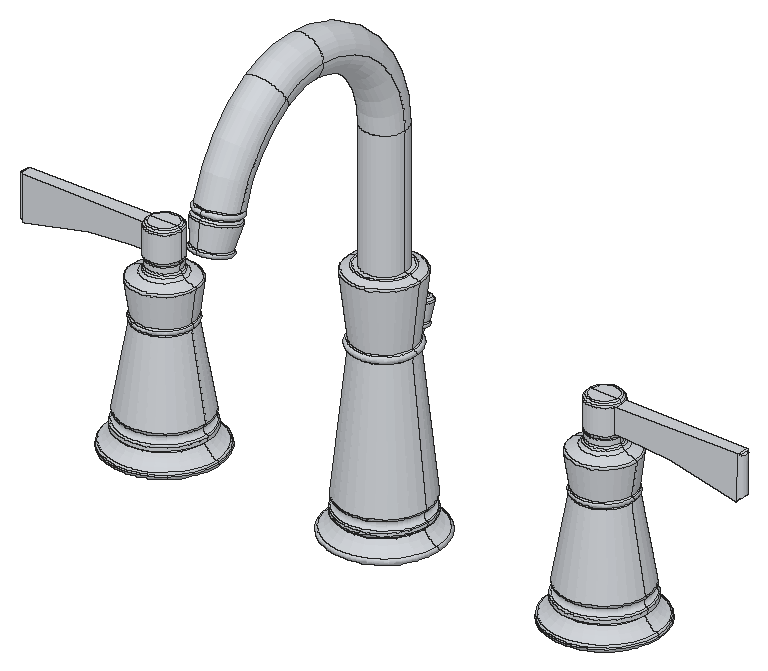
Revit family "Faucet-Lavatory-KOHLER-ARCHER-K-7503X", category Plumbing Fixtures, host Face, Revit 2017
Family settings
  Host = Face
  Round Connector Dimension = Use Diameter
  Part Type = Normal
  OmniClass Number = 23.31.11.00
  OmniClass Title = Faucets
  Cut with Voids When Loaded = No
  Shared = No
  Room Calculation Point = No
Parameters (values of type "CP- Polished chrome")
  Width [instance] = Faucet Hole Spacing  # 8"
  WaterSense Certified = 1 = 0  # no
  Waste Water Outlet = "Waste Water Outlet"  # constant formula
  Waste Connection = 1 = 0  # no
  Vent Connection = 1 = 0  # no
  URL = "https://www.kohler.co.th/"
  Type = 1
  Spout Reach = Length  # 3 15/16"
  Product Page URL = "https://www.kohler.co.th/en/productDetails/7503X-4?skuid=7503X-4-CP"
  Product Name = "ARCHER"  # constant formula
  Product Documentation Link = "http://resources.kohler.com/plumbing/kohlerapac/pdf/x4_170326233327.pdf"
  Pressure = 0.00 psi
  Model = if(Type = 1, "K-7503X-4-CP", "NA")  # "K-7503X-4-CP"
  Material = "Metal construction"  # constant formula
  Master Format 2014 Name = "Residential Faucets, Supplies, and Trim"  # constant formula
  Master Format 2014 = "22 41 39"  # constant formula
  Manufacturer Address = "16th Floor, Jasmine City Building 2, Soi Sukhumvit 23, Sukhumvit Road, Khlong Toei Nuea, Watthana, Bangkok 10110\r\n"  # constant formula
  Manufacturer = "KOHLER Co."  # constant formula
  Length = 3 15/16"  # constant formula
  Hot Water Inlet = "Hot Water Inlet"  # constant formula
  Height = 8 15/16"  # constant formula
  Handle Clearance = 2 75/128"  # constant formula
  HW Connection = 1 = 1  # yes
  Flow Rate = 0 GPM
  Finish = Kohler-Metal-CP-Polished_Chrome
  Faucet Hole Spacing [instance] = 8"
  Environmental Product Declaration = ""
  Drain Included = 1 = 1  # yes
  Description = "Widespread Lavatory Faucet"  # constant formula
  Default Elevation = 36"
  Declare Label = ""
  Date Modified = "09/18/2020"  # constant formula
  Date Created = "09/18/2020"  # constant formula
  Copyright = "Copyright KOHLER Co."  # constant formula
  Contact Us = "https://www.kohler.co.th/contact-us"
  Cold Water Inlet = "Cold Water Inlet"  # constant formula
  CW Connection = 1 = 1  # yes
  Assembly Code = "D2010"
  ADA Compliant = 1 = 0  # no
Reference planes (in)
  plane 1 "Center (Front/Back)": y = 0
  plane 2: z = 0
  plane 3 "Center (Left/Right)": x = 0
  plane 4: x = -4
  plane 5: x = 4
  plane 6: y = 0.98425
  plane 7: y = -0.98425
  plane 8: x = -4.98425
  plane 9: x = -3.01575
  plane 10: x = -6.58594
  plane 11: x = 4.98425
  plane 12: x = 3.01575
  plane 13: x = 6.58594
  plane 14: z = 3.66142
  plane 15: x = -0.98425
  plane 16: x = 0.98425
  plane 17: z = 8.9375
  plane 18: y = -3.9375
  plane 19: through (0, -4.32364, 4.85812) normal (0, 0.9659, -0.2588)
  plane 20: z = 6.29921
  plane 21: through (0, 0.42103, 0) normal (0, 0.9925, -0.1219)
Dimensions and locks (in)
  equal spacing: plane 4, plane 3 "Center (Left/Right)", plane 5
  "Faucet Hole Spacing": plane 4 to plane 5
  equal spacing: plane 8, plane 4, plane 9, locked at 0.98425 each
  locked: plane 8 to plane 9 at 1.9685
  "Handle Clearance": plane 10 to plane 4
  equal spacing: plane 12, plane 5, plane 11, locked at 0.98425 each
  locked: plane 12 to plane 11 at 1.9685
  "Handle Clearance": plane 5 to plane 13
  locked: plane 7 to plane 6 at 1.9685
  equal spacing: plane 7, plane 1 "Center (Front/Back)", plane 6
  plane 14 to level = 3.66142"
  equal spacing: plane 15, plane 3 "Center (Left/Right)", plane 16, locked at 0.98425 each
  locked: plane 15 to plane 16 at 1.9685
  "Height": level to plane 17
  locked: level to plane 20 at 6.29921
  "Length": plane 1 "Center (Front/Back)" to plane 18
  angle plane 18 to plane 19 = 15.00°
  aligned and locked: plane 2 to host face
  aligned and locked: level to host face
  aligned and locked: plane 1 "Center (Front/Back)" to nested 1
  aligned and locked: plane 3 "Center (Left/Right)" to nested 1
  aligned and locked: plane 4 to nested 2
  aligned and locked: plane 1 "Center (Front/Back)" to nested 2
  aligned and locked: plane 6 to nested 2
  aligned and locked: plane 7 to nested 2
  aligned and locked: plane 7 to nested 3
  aligned and locked: plane 5 to nested 3
  aligned and locked: plane 8 to nested 2
  aligned and locked: nested 2 to plane 9
  aligned and locked: plane 10 to nested 2
  aligned and locked: plane 12 to nested 3
  aligned and locked: plane 11 to nested 3
  aligned and locked: plane 13 to nested 3
  aligned and locked: plane 14 to nested 2
  aligned and locked: plane 15 to nested 1
  aligned and locked: plane 16 to nested 1
  aligned and locked: plane 17 to nested 1
  aligned and locked: plane 18 to nested 1
  aligned and locked: plane 19 to nested 1
  aligned and locked: plane 20 to nested 1
  aligned and locked: plane 21 to nested 1
Automatic sketch dimensions
  host sketch curve to host sketch curve = 96"  (x2)
Nested families (in)
  nested 1: "K-7503X_Spout" at (0, -0.00049, 0.00049), type "K-7503X_Spout"
  nested 2: "K-7503X_Handle" at (-4, 0, 0), type "K-7503X_Handle"
  nested 3: "K-7503X_Handle" at (4, 0, 0) x (-1, 0, 0) z (0, 0, 1), type "K-7503X_Handle"
Connectors (in)
  piping at (-4, 0, 0), diameter 0.5, driven by "Flow Rate", driven by "HW Connection", driven by "Hot Water Inlet"
    settings: on nested 2, index 1, connector inside diameter 24", connector length 0", flow factor 0, pipe flow 0 GPM, pressure drop 0.00 psi, fitting loss kfactor 0, connector angle 0.00°, fixture units 0, engagement length 0", angle of deflection 0.00°, flow configuration 0, flow direction 1, fitting loss method 0, system type 19, joint type 0, gender type 0, connector reference index -1, connector utility 1, adjustable connector no, is connector primary yes, connector description "Hot Water Inlet"
  piping at (4, 0, 0), diameter 0.5, driven by "Flow Rate", driven by "CW Connection", driven by "Cold Water Inlet"
    settings: on nested 3, index 2, connector inside diameter 24", connector length 0", flow factor 0, pipe flow 0 GPM, pressure drop 0.00 psi, fitting loss kfactor 0, connector angle 0.00°, fixture units 0, engagement length 0", angle of deflection 0.00°, flow configuration 0, flow direction 1, fitting loss method 0, system type 20, joint type 0, gender type 0, connector reference index -1, connector utility 1, adjustable connector no, is connector primary no, connector description "Cold Water Inlet"
Definition of nested family "K-7503X_Spout"
  Parameters (values of type "K-7503X_Spout")
    Material = none
  Reference planes (in)
    plane 1 "Center (Front/Back)": y = 0
    plane 2: z = 0
    plane 3 "Center (Left/Right)": x = 0
    plane 4: y = 0.98425
    plane 5: x = -0.98425
    plane 6: x = 0.98425
    plane 7: y = -0.98425
    plane 8: z = 8.93701
    plane 9: y = -3.93701
    plane 10: z = 6.29921
    plane 11: through (0, -3.93701, 6.29921) normal (0, -0.9659, 0.2588)
    plane 12: through (0, 0.8447, 3.45056) normal (0, -0.9925, 0.1219)
  Forms (in)
    Revolve 1, solid, material <- "Material", detail levels medium+fine
      sketch origin (0, 0, 0) x (1, 0, 0) y (0, 0, 1)
        loop
          line (0, 0) -> (0.93332, 0)
          arc (0.93332, 0) -> (0.98318, 0.04047) -> (0.95384, 0.09759) r 0.05095
          arc (0.95384, 0.09759) -> (0.82599, 0.17919) -> (0.7288, 0.29563) r 0.49572
          arc (0.7288, 0.29563) -> (0.71773, 0.3064) -> (0.7028, 0.31033) r 0.03036
          line (0.7028, 0.31033) -> (0.66176, 0.31033)
          arc (0.66176, 0.31033) -> (0.64643, 0.31338) -> (0.63343, 0.32206) r 0.04006
          line (0.63343, 0.32206) -> (0.60612, 0.34937) -> (0.77034, 0.34937)
          arc (0.77034, 0.34937) -> (0.78424, 0.35513) -> (0.79, 0.36902) r 0.01965
          line (0.79, 0.36902) -> (0.79, 0.42056)
          arc (0.79, 0.42056) -> (0.78557, 0.43528) -> (0.77377, 0.44513) r 0.0267
          arc (0.77377, 0.44513) -> (0.71965, 0.52127) -> (0.76294, 0.60404) r 0.08937
          arc (0.76294, 0.60404) -> (0.77349, 0.61542) -> (0.77626, 0.63068) r 0.02767
          line (0.77626, 0.63068) -> (0.5244, 3.02697)
          arc (0.5244, 3.02697) -> (0.52847, 3.04158) -> (0.54143, 3.04946) r 0.02063
          arc (0.54143, 3.04946) -> (0.58375, 3.10026) -> (0.54022, 3.15003) r 0.05092
          arc (0.54022, 3.15003) -> (0.52711, 3.15771) -> (0.52304, 3.17235) r 0.02025
          line (0.52304, 3.17235) -> (0.64778, 4.26881)
          arc (0.64778, 4.26881) -> (0.64441, 4.28464) -> (0.6322, 4.29525) r 0.0255
          line (0.6322, 4.29525) -> (0.49079, 4.35384)
          arc (0.49079, 4.35384) -> (0.47471, 4.35872) -> (0.45799, 4.36037) r 0.08568
          line (0.45799, 4.36037) -> (0, 4.36037) -> (0, 0)
        axis (0, 4.36037) -> (0, 0)
      angle from 0 to 360
    Sweep 2, solid, material <- "Material"
      path origin (0, 0, 0) x (0, 1, 0) y (0, 0, 1)
        loop
          line (0.375, 4.36037) -> (0.375, 6.65789)
          arc (0.375, 6.65789) -> (-0.27467, 8.25163) -> (-1.85339, 8.93701) r 2.2797
          arc (-1.85339, 8.93701) -> (-2.3821, 8.87567) -> (-2.87409, 8.67258) r 1.93463
          arc (-2.87409, 8.67258) -> (-3.6454, 7.98743) -> (-4.09492, 7.05885) r 2.6378
      profile origin (0, 0.375, 5.50913) x (0, -1, 0) y (1, 0, 0)
        loop
          circle (0.375, 0) r 0.375
    Revolve 3, solid, material <- "Material", detail levels medium+fine
      sketch origin (0, 0, 0) x (0, 1, 0) y (0, 0, 1)
        loop
          line (-3.93701, 6.29921) -> (-3.75392, 6.98251) -> (-4.06355, 7.06547) -> (-4.07465, 7.02403) -> (-4.11701, 7.03538)
          arc (-4.11701, 7.03538) -> (-4.15966, 7.01321) -> (-4.14034, 6.9692) r 0.03516
          arc (-4.14034, 6.9692) -> (-4.12893, 6.95439) -> (-4.13557, 6.93691) r 0.01916
          line (-4.13557, 6.93691) -> (-4.1769, 6.90223)
          arc (-4.1769, 6.90223) -> (-4.18664, 6.89009) -> (-4.191, 6.87515) r 0.03989
          line (-4.191, 6.87515) -> (-4.22695, 6.46418)
          arc (-4.22695, 6.46418) -> (-4.23311, 6.44845) -> (-4.24681, 6.43855) r 0.02997
          arc (-4.24681, 6.43855) -> (-4.26666, 6.40926) -> (-4.24457, 6.38162) r 0.02982
          line (-4.24457, 6.38162) -> (-3.93701, 6.29921)
        axis (-3.93701, 6.29921) -> (-3.75392, 6.98251)
      angle from 0 to 360
    Revolve 4, solid, material <- "Material", detail levels medium+fine
      sketch origin (0, 0, 0) x (0, 1, 0) y (0, 0, 1)
        loop
          line (0.85056, 3.49822) -> (0.73119, 3.51287)
          arc (0.73119, 3.51287) -> (0.71566, 3.51172) -> (0.70177, 3.50471) r 0.03989
          line (0.70177, 3.50471) -> (0.66128, 3.47308)
          arc (0.66128, 3.47308) -> (0.65184, 3.46111) -> (0.64898, 3.44612) r 0.03213
          line (0.64898, 3.44612) -> (0.66466, 3.14021)
          arc (0.66466, 3.14021) -> (0.66178, 3.12382) -> (0.65205, 3.11033) r 0.03723
          arc (0.65205, 3.11033) -> (0.64125, 3.07213) -> (0.67169, 3.04665) r 0.03651
          line (0.67169, 3.04665) -> (0.72479, 3.04013) -> (0.51433, 1.32606) -> (0.58282, 1.31765) -> (0.85056, 3.49822)
        axis (0.85056, 3.49822) -> (0.58282, 1.31765)
      angle from 0 to 360
    Revolve 5, solid, material <- "Material", detail levels coarse
      sketch origin (0, 0, 0) x (0, 1, 0) y (0, 0, 1)
        loop
          line (0, 4.36037) -> (-0.64418, 4.36037) -> (-0.64418, 0.31438) -> (-0.98425, 0.31438) -> (-0.98425, 0) -> (-0.7874, 0) -> (0, 0) -> (0, 4.36037)
        axis (0, 4.36037) -> (0, 0)
      angle from 0 to 360
    Revolve 6, solid, material <- "Material", detail levels coarse
      sketch origin (0, 0, 0) x (0, 1, 0) y (0, 0, 1)
        loop
          line (0.85056, 3.49822) -> (0.65827, 3.52183) -> (0.60099, 3.05533) -> (0.70882, 3.04209) -> (0.4658, 1.06279) -> (0.55025, 1.05242) -> (0.85056, 3.49822)
        axis (0.85056, 3.49822) -> (0.55025, 1.05242)
      angle from 0 to 360
    Revolve 7, solid, material <- "Material", detail levels coarse
      sketch origin (0, 0, 0) x (0, 1, 0) y (0, 0, 1)
        loop
          line (-3.93701, 6.29921) -> (-3.75697, 6.97111) -> (-4.14395, 7.07158) -> (-4.32318, 6.40269) -> (-3.93701, 6.29921)
        axis (-3.75697, 6.97111) -> (-3.93701, 6.29921)
      angle from 0 to 360
  Cuts and joins
    joined: Revolve 1, Revolve 3, Revolve 4
    joined: Revolve 5, Revolve 6, Revolve 7
  Lines and regions (in)
    Masking region 1
      outline origin (0, 0, 0) x (1, 0, 0) y (0, 1, 0)
        loop
          arc (-0.1417, 0.974) -> (-0.97679, 0.12096) -> (-0.375, -0.91001) r 0.98425
          line (-0.375, -0.91001) -> (-0.375, -3.64046)
          arc (-0.375, -3.64046) -> (-0.39711, -3.72809) -> (-0.39725, -3.81847) r 0.36899
          arc (-0.39725, -3.81847) -> (-0.39194, -3.85593) -> (-0.38519, -3.89315) r 0.9716
          arc (-0.38519, -3.89315) -> (-0.37782, -3.921) -> (-0.36721, -3.94777) r 0.24267
          arc (-0.36721, -3.94777) -> (-0.35374, -3.97565) -> (-0.33952, -4.00316) r 1.14373
          arc (-0.33952, -4.00316) -> (-0.21571, -4.19413) -> (0, -4.26668) r 0.34554
          arc (0, -4.26668) -> (0.21571, -4.19413) -> (0.33952, -4.00316) r 0.34554
          arc (0.33952, -4.00316) -> (0.35374, -3.97565) -> (0.36721, -3.94777) r 1.14373
          arc (0.36721, -3.94777) -> (0.37782, -3.921) -> (0.38519, -3.89315) r 0.24267
          arc (0.38519, -3.89315) -> (0.39194, -3.85593) -> (0.39725, -3.81847) r 0.9716
          arc (0.39725, -3.81847) -> (0.39711, -3.72809) -> (0.375, -3.64046) r 0.36899
          line (0.375, -3.64046) -> (0.375, -0.91001)
          arc (0.375, -0.91001) -> (0.97679, 0.12096) -> (0.1417, 0.974) r 0.98425
          arc (0.1417, 0.974) -> (0, 1.0355) -> (-0.1417, 0.974) r 0.19398
    Masking region 2
      outline origin (0, 0, 0) x (1, 0, 0) y (0, 0, 1)
        loop
          line (0, 0) -> (0.93332, 0)
          arc (0.93332, 0) -> (0.98318, 0.04047) -> (0.95384, 0.09759) r 0.05095
          arc (0.95384, 0.09759) -> (0.82599, 0.17919) -> (0.7288, 0.29563) r 0.49572
          arc (0.7288, 0.29563) -> (0.71773, 0.3064) -> (0.7028, 0.31033) r 0.03036
          line (0.7028, 0.31033) -> (0.66176, 0.31033)
          arc (0.66176, 0.31033) -> (0.64643, 0.31338) -> (0.63343, 0.32206) r 0.04006
          line (0.63343, 0.32206) -> (0.60612, 0.34937) -> (0.77034, 0.34937)
          arc (0.77034, 0.34937) -> (0.78424, 0.35513) -> (0.79, 0.36902) r 0.01965
          line (0.79, 0.36902) -> (0.79, 0.42056)
          arc (0.79, 0.42056) -> (0.78557, 0.43528) -> (0.77377, 0.44513) r 0.0267
          arc (0.77377, 0.44513) -> (0.71965, 0.52127) -> (0.76294, 0.60404) r 0.08937
          arc (0.76294, 0.60404) -> (0.77349, 0.61542) -> (0.77626, 0.63068) r 0.02767
          line (0.77626, 0.63068) -> (0.5244, 3.02697)
          arc (0.5244, 3.02697) -> (0.52847, 3.04158) -> (0.54143, 3.04946) r 0.02063
          arc (0.54143, 3.04946) -> (0.58375, 3.10026) -> (0.54022, 3.15003) r 0.05092
          arc (0.54022, 3.15003) -> (0.52711, 3.15771) -> (0.52304, 3.17235) r 0.02025
          line (0.52304, 3.17235) -> (0.64778, 4.26881)
          arc (0.64778, 4.26881) -> (0.64441, 4.28464) -> (0.6322, 4.29525) r 0.0255
          line (0.6322, 4.29525) -> (0.49079, 4.35384)
          arc (0.49079, 4.35384) -> (0.47471, 4.35872) -> (0.45799, 4.36037) r 0.08568
          line (0.45799, 4.36037) -> (0.375, 4.36037) -> (0.375, 6.66434) -> (0.39396, 6.76825)
          arc (0.39396, 6.76825) -> (0.39163, 6.80071) -> (0.375, 6.8287) r 0.07071
          line (0.375, 6.8287) -> (0.375, 6.86167)
          arc (0.375, 6.86167) -> (0.39, 6.87477) -> (0.39833, 6.89285) r 0.04765
          arc (0.39833, 6.89285) -> (0.39614, 6.9289) -> (0.375, 6.95819) r 0.06485
          line (0.375, 6.95819) -> (0.375, 8.56201)
          arc (0.375, 8.56201) -> (0, 8.93701) -> (-0.375, 8.56201) r 0.375
          line (-0.375, 8.56201) -> (-0.375, 6.95819)
          arc (-0.375, 6.95819) -> (-0.39614, 6.9289) -> (-0.39833, 6.89285) r 0.06485
          arc (-0.39833, 6.89285) -> (-0.39, 6.87477) -> (-0.375, 6.86167) r 0.04765
          line (-0.375, 6.86167) -> (-0.375, 6.8287)
          arc (-0.375, 6.8287) -> (-0.39163, 6.80071) -> (-0.39396, 6.76825) r 0.07071
          line (-0.39396, 6.76825) -> (-0.375, 6.66434) -> (-0.375, 4.36037) -> (-0.45799, 4.36037)
          arc (-0.45799, 4.36037) -> (-0.47471, 4.35872) -> (-0.49079, 4.35384) r 0.08568
          line (-0.49079, 4.35384) -> (-0.6322, 4.29525)
          arc (-0.6322, 4.29525) -> (-0.64441, 4.28464) -> (-0.64778, 4.26881) r 0.0255
          line (-0.64778, 4.26881) -> (-0.52304, 3.17235)
          arc (-0.52304, 3.17235) -> (-0.52711, 3.15771) -> (-0.54022, 3.15003) r 0.02025
          arc (-0.54022, 3.15003) -> (-0.58375, 3.10026) -> (-0.54143, 3.04946) r 0.05092
          arc (-0.54143, 3.04946) -> (-0.52847, 3.04158) -> (-0.5244, 3.02697) r 0.02063
          line (-0.5244, 3.02697) -> (-0.77626, 0.63068)
          arc (-0.77626, 0.63068) -> (-0.77349, 0.61542) -> (-0.76294, 0.60404) r 0.02767
          arc (-0.76294, 0.60404) -> (-0.71965, 0.52127) -> (-0.77377, 0.44513) r 0.08937
          arc (-0.77377, 0.44513) -> (-0.78557, 0.43528) -> (-0.79, 0.42056) r 0.0267
          line (-0.79, 0.42056) -> (-0.79, 0.36902)
          arc (-0.79, 0.36902) -> (-0.78424, 0.35513) -> (-0.77034, 0.34937) r 0.01965
          line (-0.77034, 0.34937) -> (-0.60612, 0.34937) -> (-0.63343, 0.32206)
          arc (-0.63343, 0.32206) -> (-0.64643, 0.31338) -> (-0.66176, 0.31033) r 0.04006
          line (-0.66176, 0.31033) -> (-0.7028, 0.31033)
          arc (-0.7028, 0.31033) -> (-0.71773, 0.3064) -> (-0.7288, 0.29563) r 0.03036
          arc (-0.7288, 0.29563) -> (-0.82599, 0.17919) -> (-0.95384, 0.09759) r 0.49572
          arc (-0.95384, 0.09759) -> (-0.98318, 0.04047) -> (-0.93332, 0) r 0.05095
          line (-0.93332, 0) -> (0, 0)
    Masking region 3
      outline origin (0, 0, 0) x (0, 1, 0) y (0, 0, 1)
        loop
          line (0, 0) -> (0.93332, 0)
          arc (0.93332, 0) -> (0.98318, 0.04047) -> (0.95384, 0.09759) r 0.05095
          arc (0.95384, 0.09759) -> (0.82599, 0.17919) -> (0.7288, 0.29563) r 0.49572
          arc (0.7288, 0.29563) -> (0.71773, 0.3064) -> (0.7028, 0.31033) r 0.03036
          line (0.7028, 0.31033) -> (0.66176, 0.31033)
          arc (0.66176, 0.31033) -> (0.64643, 0.31338) -> (0.63343, 0.32206) r 0.04006
          line (0.63343, 0.32206) -> (0.60612, 0.34937) -> (0.77034, 0.34937)
          arc (0.77034, 0.34937) -> (0.78424, 0.35513) -> (0.79, 0.36902) r 0.01965
          line (0.79, 0.36902) -> (0.79, 0.42056)
          arc (0.79, 0.42056) -> (0.78557, 0.43528) -> (0.77377, 0.44513) r 0.0267
          arc (0.77377, 0.44513) -> (0.71965, 0.52127) -> (0.76294, 0.60404) r 0.08937
          arc (0.76294, 0.60404) -> (0.77349, 0.61542) -> (0.77626, 0.63068) r 0.02767
          line (0.77626, 0.63068) -> (0.6802, 1.54461) -> (0.86176, 3.02331) -> (0.91486, 3.01679)
          arc (0.91486, 3.01679) -> (0.95057, 3.03415) -> (0.94933, 3.07383) r 0.03651
          arc (0.94933, 3.07383) -> (0.94315, 3.08927) -> (0.94432, 3.10587) r 0.03723
          line (0.94432, 3.10587) -> (1.03354, 3.3989)
          arc (1.03354, 3.3989) -> (1.0344, 3.41413) -> (1.02813, 3.42804) r 0.03213
          line (1.02813, 3.42804) -> (0.9965, 3.46853)
          arc (0.9965, 3.46853) -> (0.98471, 3.47868) -> (0.96993, 3.48356) r 0.03989
          line (0.96993, 3.48356) -> (0.85056, 3.49822) -> (0.73119, 3.51287)
          arc (0.73119, 3.51287) -> (0.71566, 3.51172) -> (0.70177, 3.50471) r 0.03989
          line (0.70177, 3.50471) -> (0.66128, 3.47308)
          arc (0.66128, 3.47308) -> (0.65184, 3.46111) -> (0.64898, 3.44612) r 0.03213
          line (0.64898, 3.44612) -> (0.66466, 3.14021)
          arc (0.66466, 3.14021) -> (0.66178, 3.12382) -> (0.65205, 3.11033) r 0.03723
          arc (0.65205, 3.11033) -> (0.64125, 3.07213) -> (0.67169, 3.04665) r 0.03651
          line (0.67169, 3.04665) -> (0.72479, 3.04013) -> (0.61608, 2.15471) -> (0.5244, 3.02697)
          arc (0.5244, 3.02697) -> (0.52847, 3.04158) -> (0.54143, 3.04946) r 0.02063
          arc (0.54143, 3.04946) -> (0.58375, 3.10026) -> (0.54022, 3.15003) r 0.05092
          arc (0.54022, 3.15003) -> (0.52711, 3.15771) -> (0.52304, 3.17235) r 0.02025
          line (0.52304, 3.17235) -> (0.64778, 4.26881)
          arc (0.64778, 4.26881) -> (0.64441, 4.28464) -> (0.6322, 4.29525) r 0.0255
          line (0.6322, 4.29525) -> (0.49079, 4.35384)
          arc (0.49079, 4.35384) -> (0.47471, 4.35872) -> (0.45799, 4.36037) r 0.08568
          line (0.45799, 4.36037) -> (0.375, 4.36037) -> (0.375, 6.65789)
          arc (0.375, 6.65789) -> (-0.27467, 8.25163) -> (-1.85339, 8.93701) r 2.2797
          arc (-1.85339, 8.93701) -> (-2.3821, 8.87567) -> (-2.87409, 8.67258) r 1.93463
          arc (-2.87409, 8.67258) -> (-3.6454, 7.98743) -> (-4.09492, 7.05885) r 2.6378
          line (-4.09492, 7.05885) -> (-4.05119, 7.04749) -> (-4.07465, 7.02403) -> (-4.11701, 7.03538)
          arc (-4.11701, 7.03538) -> (-4.15966, 7.01321) -> (-4.14034, 6.9692) r 0.03516
          arc (-4.14034, 6.9692) -> (-4.12893, 6.95439) -> (-4.13557, 6.93691) r 0.01916
          line (-4.13557, 6.93691) -> (-4.1769, 6.90223)
          arc (-4.1769, 6.90223) -> (-4.18664, 6.89009) -> (-4.191, 6.87515) r 0.03989
          line (-4.191, 6.87515) -> (-4.22695, 6.46418)
          arc (-4.22695, 6.46418) -> (-4.23311, 6.44845) -> (-4.24681, 6.43855) r 0.02997
          arc (-4.24681, 6.43855) -> (-4.26666, 6.40926) -> (-4.24457, 6.38162) r 0.02982
          line (-4.24457, 6.38162) -> (-3.93701, 6.29921) -> (-3.62944, 6.2168)
          arc (-3.62944, 6.2168) -> (-3.5965, 6.2297) -> (-3.59905, 6.26498) r 0.02982
          arc (-3.59905, 6.26498) -> (-3.60596, 6.2804) -> (-3.60342, 6.29711) r 0.02997
          line (-3.60342, 6.29711) -> (-3.42908, 6.67099)
          arc (-3.42908, 6.67099) -> (-3.42538, 6.68611) -> (-3.42775, 6.7015) r 0.03989
          line (-3.42775, 6.7015) -> (-3.4462, 6.75219)
          arc (-3.4462, 6.75219) -> (-3.44321, 6.77065) -> (-3.42592, 6.77777) r 0.01916
          arc (-3.42592, 6.77777) -> (-3.38718, 6.80623) -> (-3.41304, 6.84675) r 0.03516
          line (-3.41304, 6.84675) -> (-3.45539, 6.8581) -> (-3.46561, 6.89624) -> (-3.36919, 6.8696)
          arc (-3.36919, 6.8696) -> (-3.04752, 7.53462) -> (-2.49528, 8.02528) r 1.8878
          arc (-2.49528, 8.02528) -> (-2.19402, 8.14964) -> (-1.87027, 8.1872) r 1.18463
          arc (-1.87027, 8.1872) -> (-0.81127, 7.72764) -> (-0.375, 6.65884) r 1.5297
          line (-0.375, 6.65884) -> (-0.375, 4.36037) -> (-0.45799, 4.36037)
          arc (-0.45799, 4.36037) -> (-0.47471, 4.35872) -> (-0.49079, 4.35384) r 0.08568
          line (-0.49079, 4.35384) -> (-0.6322, 4.29525)
          arc (-0.6322, 4.29525) -> (-0.64441, 4.28464) -> (-0.64778, 4.26881) r 0.0255
          line (-0.64778, 4.26881) -> (-0.52304, 3.17235)
          arc (-0.52304, 3.17235) -> (-0.52711, 3.15771) -> (-0.54022, 3.15003) r 0.02025
          arc (-0.54022, 3.15003) -> (-0.58375, 3.10026) -> (-0.54143, 3.04946) r 0.05092
          arc (-0.54143, 3.04946) -> (-0.52847, 3.04158) -> (-0.5244, 3.02697) r 0.02063
          line (-0.5244, 3.02697) -> (-0.77626, 0.63068)
          arc (-0.77626, 0.63068) -> (-0.77349, 0.61542) -> (-0.76294, 0.60404) r 0.02767
          arc (-0.76294, 0.60404) -> (-0.71965, 0.52127) -> (-0.77377, 0.44513) r 0.08937
          arc (-0.77377, 0.44513) -> (-0.78557, 0.43528) -> (-0.79, 0.42056) r 0.0267
          line (-0.79, 0.42056) -> (-0.79, 0.36902)
          arc (-0.79, 0.36902) -> (-0.78424, 0.35513) -> (-0.77034, 0.34937) r 0.01965
          line (-0.77034, 0.34937) -> (-0.60612, 0.34937) -> (-0.63343, 0.32206)
          arc (-0.63343, 0.32206) -> (-0.64643, 0.31338) -> (-0.66176, 0.31033) r 0.04006
          line (-0.66176, 0.31033) -> (-0.7028, 0.31033)
          arc (-0.7028, 0.31033) -> (-0.71773, 0.3064) -> (-0.7288, 0.29563) r 0.03036
          arc (-0.7288, 0.29563) -> (-0.82599, 0.17919) -> (-0.95384, 0.09759) r 0.49572
          arc (-0.95384, 0.09759) -> (-0.98318, 0.04047) -> (-0.93332, 0) r 0.05095
          line (-0.93332, 0) -> (0, 0)
    symbolic lines, detail levels medium+fine
      curve 1: arc (-0.375, 0, 0) -> (0, 0.375, 0) -> (0.375, 0, 0) r 0.375
      curve 2: arc (0.375, -0.52844, 0) -> (0, 0.64798, 0) -> (-0.375, -0.52844, 0) r 0.64798
      curve 3: arc (0.375, -0.68, 0) -> (0.76895, 0.10831, 0) -> (0.17257, 0.75712, 0) r 0.77654
      curve 4: arc (0.375, -0.69533, 0) -> (0.78295, 0.10533, 0) -> (0.17792, 0.76971, 0) r 0.79
      curve 5: arc (-0.11016, 0.68491, 0) -> (-0.0803, 0.66099, 0) -> (-0.04492, 0.64642, 0) r 0.13488
      curve 6: line (-0.375, 0, 0) -> (-0.375, -0.94545, 0)
      curve 7: line (0.375, 0, 0) -> (0.375, -0.94545, 0)
      curve 8: arc (0, -4.09492, 0) -> (-0.26217, -3.99058, 0) -> (-0.375, -3.73195, 0) r 0.3708
      curve 9: line (-0.375, -3.73195, 0) -> (-0.375, -3.62924, 0)
      curve 10: spline (-0.35497, -3.84462, 0) -> (-0.34354, -3.8824, 0) -> (-0.32783, -3.91872, 0) -> (-0.30801, -3.95312, 0) -> (-0.28434, -3.98516, 0) -> (-0.25712, -4.01445, 0) -> (-0.22667, -4.04062, 0) -> (-0.1934, -4.06335, 0) -> (-0.1577, -4.08234, 0) -> (-0.12004, -4.09737, 0) -> (-0.08087, -4.10823, 0) -> (-0.04069, -4.11481, 0) -> (0, -4.11701, 0)
      curve 11: arc (0, -4.16166, 0) -> (-0.24341, -4.08116, 0) -> (-0.38933, -3.87035, 0) r 0.40389
      curve 12: arc (-0.33952, -4.00316, 0) -> (-0.19612, -4.14481, 0) -> (0, -4.19136, 0) r 0.37366
      curve 13: arc (0, -4.09492, 0) -> (0.26217, -3.99058, 0) -> (0.375, -3.73195, 0) r 0.3708
      curve 14: line (0.375, -3.73195, 0) -> (0.375, -3.62924, 0)
      curve 15: spline (0.35497, -3.84462, 0) -> (0.34354, -3.8824, 0) -> (0.32783, -3.91872, 0) -> (0.30801, -3.95312, 0) -> (0.28434, -3.98516, 0) -> (0.25712, -4.01445, 0) -> (0.22667, -4.04062, 0) -> (0.1934, -4.06335, 0) -> (0.1577, -4.08234, 0) -> (0.12004, -4.09737, 0) -> (0.08087, -4.10823, 0) -> (0.04069, -4.11481, 0) -> (0, -4.11701, 0)
      curve 16: arc (0, -4.16166, 0) -> (0.24341, -4.08116, 0) -> (0.38933, -3.87035, 0) r 0.40389
      curve 17: arc (0.33952, -4.00316, 0) -> (0.19612, -4.14481, 0) -> (0, -4.19136, 0) r 0.37366
      curve 18: arc (-0.17826, 0.76963, 0) -> (-0.78298, 0.10515, 0) -> (-0.375, -0.69533, 0) r 0.79
      curve 19: arc (-0.17257, 0.75712, 0) -> (-0.76895, 0.10831, 0) -> (-0.375, -0.68, 0) r 0.77654
      curve 20: arc (-0.1417, 0.974, 0) -> (0, 0.65034, 0) -> (0.1417, 0.974, 0) r 0.19284
      curve 21: arc (0.11016, 0.68491, 0) -> (0.07893, 0.66019, 0) -> (0.04185, 0.64568, 0) r 0.13488
      curve 22: line (-0.97356, 0, 0.02023) -> (0.0107, 0, 0.02023)
      curve 23: line (-0.98122, 0, 0.06726) -> (0, 0, 0.06726)
      curve 24: line (-0.95384, 0, 0.09759) -> (0, 0, 0.09759)
      curve 25: line (-0.7288, 0, 0.29563) -> (0, 0, 0.29563)
      curve 26: line (-0.66176, 0, 0.31033) -> (0, 0, 0.31033)
      curve 27: line (-0.60612, 0, 0.34937) -> (0, 0, 0.34937)
      curve 28: line (-0.79, 0, 0.36902) -> (0, 0, 0.36902)
      curve 29: line (-0.79, 0, 0.42056) -> (0, 0, 0.42056)
      curve 30: line (-0.77377, 0, 0.44513) -> (0, 0, 0.44513)
      curve 31: line (-0.76294, 0, 0.60404) -> (0, 0, 0.60404)
      curve 32: line (-0.77626, 0, 0.63068) -> (0, 0, 0.63068)
      curve 33: line (-0.54143, 0, 3.04946) -> (0, 0, 3.04946)
      curve 34: line (-0.5244, 0, 3.02697) -> (0, 0, 3.02697)
      curve 35: line (-0.54022, 0, 3.15003) -> (0, 0, 3.15003)
      curve 36: line (-0.52304, 0, 3.17235) -> (0, 0, 3.17235)
      curve 37: line (-0.6322, 0, 4.29525) -> (0, 0, 4.29525)
      curve 38: line (-0.64778, 0, 4.26881) -> (0, 0, 4.26881)
      curve 39: line (-0.375, 0, 4.36037) -> (0, 0, 4.36037)
      curve 40: line (0.97356, 0, 0.02023) -> (0.0107, 0, 0.02023)
      curve 41: line (0.98122, 0, 0.06726) -> (0, 0, 0.06726)
      curve 42: line (0.95384, 0, 0.09759) -> (0, 0, 0.09759)
      curve 43: line (0.7288, 0, 0.29563) -> (0, 0, 0.29563)
      curve 44: line (0.66176, 0, 0.31033) -> (0, 0, 0.31033)
      curve 45: line (0.60612, 0, 0.34937) -> (0, 0, 0.34937)
      curve 46: line (0.79, 0, 0.36902) -> (0, 0, 0.36902)
      curve 47: line (0.79, 0, 0.42056) -> (0, 0, 0.42056)
      curve 48: line (0.77377, 0, 0.44513) -> (0, 0, 0.44513)
      curve 49: line (0.76294, 0, 0.60404) -> (0, 0, 0.60404)
      curve 50: line (0.77626, 0, 0.63068) -> (0, 0, 0.63068)
      curve 51: line (0.54143, 0, 3.04946) -> (0, 0, 3.04946)
      curve 52: line (0.5244, 0, 3.02697) -> (0, 0, 3.02697)
      curve 53: line (0.54022, 0, 3.15003) -> (0, 0, 3.15003)
      curve 54: line (0.52304, 0, 3.17235) -> (0, 0, 3.17235)
      curve 55: line (0.6322, 0, 4.29525) -> (0, 0, 4.29525)
      curve 56: line (0.64778, 0, 4.26881) -> (0, 0, 4.26881)
      curve 57: line (0.375, 0, 4.36037) -> (0, 0, 4.36037)
      curve 58: spline (0.37428, 0, 6.95876) -> (0.36676, 0, 6.98426) -> (0.33224, 0, 7.00831) -> (0.27327, 0, 7.02914) -> (0.19418, 0, 7.04523) -> (0.1008, 0, 7.05538) -> (0, 0, 7.05885) -> (-0.1008, 0, 7.05538) -> (-0.19418, 0, 7.04523) -> (-0.27327, 0, 7.02914) -> (-0.33224, 0, 7.00831) -> (-0.36676, 0, 6.98426) -> (-0.37428, 0, 6.95876)
      curve 59: arc (-0.37428, 0, 6.95876) -> (-0.3274, 0, 6.9873) -> (-0.27559, 0, 7.00542) r 0.26126
      curve 60: arc (-0.27559, 0, 7.00542) -> (-0.21786, 0, 7.0177) -> (-0.15966, 0, 7.02749) r 1.37307
      curve 61: arc (-0.15966, 0, 7.02749) -> (-0.08003, 0, 7.03559) -> (0, 0, 7.03669) r 0.91318
      curve 62: arc (-0.37428, 0, 6.95876) -> (-0.38354, 0, 6.95016) -> (-0.39098, 0, 6.93994) r 0.0653
      curve 63: arc (-0.375, 0, 6.86167) -> (-0.19173, 0, 6.91869) -> (0, 0, 6.92779) r 0.75705
      curve 64: arc (-0.375, 0, 6.8287) -> (-0.19071, 0, 6.87905) -> (0, 0, 6.89055) r 0.92676
      curve 65: arc (-0.39833, 0, 6.89285) -> (-0.20462, 0, 6.96193) -> (0, 0, 6.98251) r 0.85081
      curve 66: line (-0.37754, 0, 6.67825) -> (-0.32252, 0, 6.37746)
      curve 67: arc (-0.32252, 0, 6.37746) -> (-0.34744, 0, 6.33654) -> (-0.33318, 0, 6.29079) r 0.05817
      curve 68: arc (-0.33318, 0, 6.29079) -> (-0.30469, 0, 6.26696) -> (-0.27048, 0, 6.25245) r 0.12622
      curve 69: arc (-0.27048, 0, 6.25245) -> (-0.20331, 0, 6.23661) -> (-0.13551, 0, 6.22371) r 1.57835
      curve 70: arc (-0.13551, 0, 6.22371) -> (-0.06797, 0, 6.2161) -> (0, 0, 6.21579) r 0.63194
      curve 71: arc (-0.27692, 0, 6.39757) -> (-0.30065, 0, 6.38962) -> (-0.32252, 0, 6.37746) r 0.13599
      curve 72: arc (0, 0, 6.42967) -> (-0.13939, 0, 6.42163) -> (-0.27692, 0, 6.39757) r 1.20787
      curve 73: line (0.37754, 0, 6.67825) -> (0.32252, 0, 6.37746)
      curve 74: arc (0.32252, 0, 6.37746) -> (0.34744, 0, 6.33654) -> (0.33318, 0, 6.29079) r 0.05817
      curve 75: arc (0.33318, 0, 6.29079) -> (0.30469, 0, 6.26696) -> (0.27048, 0, 6.25245) r 0.12622
      curve 76: arc (0.27048, 0, 6.25245) -> (0.20331, 0, 6.23661) -> (0.13551, 0, 6.22371) r 1.57835
      curve 77: arc (0.13551, 0, 6.22371) -> (0.06797, 0, 6.2161) -> (0, 0, 6.21579) r 0.63194
      curve 78: arc (0.27692, 0, 6.39757) -> (0.30065, 0, 6.38962) -> (0.32252, 0, 6.37746) r 0.13599
      curve 79: arc (0, 0, 6.42967) -> (0.13939, 0, 6.42163) -> (0.27692, 0, 6.39757) r 1.20787
      curve 80: spline (-0.28259, 0, 6.29921) -> (-0.27296, 0, 6.31667) -> (-0.24473, 0, 6.33293) -> (-0.19982, 0, 6.3469) -> (-0.14129, 0, 6.35762) -> (-0.07314, 0, 6.36436) -> (0, 0, 6.36666) -> (0.07314, 0, 6.36436) -> (0.14129, 0, 6.35762) -> (0.19982, 0, 6.3469) -> (0.24473, 0, 6.33293) -> (0.27296, 0, 6.31667) -> (0.28259, 0, 6.29921) -> (0.27296, 0, 6.28176) -> (0.24473, 0, 6.26549) -> (0.19982, 0, 6.25152) -> (0.14129, 0, 6.2408) -> (0.07314, 0, 6.23407) -> (0, 0, 6.23177) -> (-0.07314, 0, 6.23407) -> (-0.14129, 0, 6.2408) -> (-0.19982, 0, 6.25152) -> (-0.24473, 0, 6.26549) -> (-0.27296, 0, 6.28176) -> (-0.28259, 0, 6.29921)
      curve 81: spline (0, 0, 6.3836) -> (0.08374, 0, 6.38072) -> (0.16177, 0, 6.37229) -> (0.22877, 0, 6.35888) -> (0.28019, 0, 6.3414) -> (0.31251, 0, 6.32105) -> (0.32353, 0, 6.29921) -> (0.31251, 0, 6.27737) -> (0.28019, 0, 6.25702) -> (0.22877, 0, 6.23954) -> (0.16177, 0, 6.22613) -> (0.08374, 0, 6.2177) -> (0, 0, 6.21483) -> (-0.08374, 0, 6.2177) -> (-0.16177, 0, 6.22613) -> (-0.22877, 0, 6.23954) -> (-0.28019, 0, 6.25702) -> (-0.31251, 0, 6.27737) -> (-0.32353, 0, 6.29921) -> (-0.31251, 0, 6.32105) -> (-0.28019, 0, 6.3414) -> (-0.22877, 0, 6.35888) -> (-0.16177, 0, 6.37229) -> (-0.08374, 0, 6.38072) -> (0, 0, 6.3836)
      curve 82: arc (-0.32433, 0, 6.38733) -> (-0.25061, 0, 6.41865) -> (-0.17215, 0, 6.43475) r 0.40242
      curve 83: arc (-0.17215, 0, 6.43475) -> (-0.08619, 0, 6.44161) -> (0, 0, 6.44448) r 1.86103
      curve 84: arc (0.32433, 0, 6.38733) -> (0.25061, 0, 6.41865) -> (0.17215, 0, 6.43475) r 0.40242
      curve 85: arc (0.17215, 0, 6.43475) -> (0.08619, 0, 6.44161) -> (0, 0, 6.44448) r 1.86103
      curve 86: arc (0.37428, 0, 6.95876) -> (0.3274, 0, 6.9873) -> (0.27559, 0, 7.00542) r 0.26126
      curve 87: arc (0.27559, 0, 7.00542) -> (0.21786, 0, 7.0177) -> (0.15966, 0, 7.02749) r 1.37307
      curve 88: arc (0.15966, 0, 7.02749) -> (0.08003, 0, 7.03559) -> (0, 0, 7.03669) r 0.91318
      curve 89: arc (0.37428, 0, 6.95876) -> (0.38354, 0, 6.95016) -> (0.39098, 0, 6.93994) r 0.0653
      curve 90: arc (0.375, 0, 6.86167) -> (0.19173, 0, 6.91869) -> (0, 0, 6.92779) r 0.75705
      curve 91: arc (0.375, 0, 6.8287) -> (0.19071, 0, 6.87905) -> (0, 0, 6.89055) r 0.92676
      curve 92: arc (0.39833, 0, 6.89285) -> (0.20462, 0, 6.96193) -> (0, 0, 6.98251) r 0.85081
      curve 93: arc (-0.39487, 0, 6.77955) -> (-0.28413, 0, 6.8031) -> (-0.17222, 0, 6.82028) r 1.97729
      curve 94: arc (-0.17222, 0, 6.82028) -> (-0.08627, 0, 6.82862) -> (0, 0, 6.83232) r 1.60458
      curve 95: arc (0.39487, 0, 6.77955) -> (0.28413, 0, 6.8031) -> (0.17222, 0, 6.82028) r 1.97729
      curve 96: arc (0.17222, 0, 6.82028) -> (0.08627, 0, 6.82862) -> (0, 0, 6.83232) r 1.60458
      curve 97: line (0, 0.61608, 2.15471) -> (0, 0.68468, 1.502)
      curve 98: line (0, 0.72479, 3.04013) -> (0, 0.86176, 3.02331)
      curve 99: line (0, 0.67169, 3.04665) -> (0, 0.91486, 3.01679)
      curve 100: line (0, 0.94933, 3.07383) -> (0, 0.65205, 3.11033)
      curve 101: line (0, 0.94432, 3.10587) -> (0, 0.66466, 3.14021)
      curve 102: line (0, 0.9965, 3.46853) -> (0, 0.70177, 3.50471)
      curve 103: line (0, 1.02813, 3.42804) -> (0, 0.66128, 3.47308)
      curve 104: line (0, 1.03354, 3.3989) -> (0, 0.64898, 3.44612)
      curve 105: line (0, 0.9722, 0.01863) -> (0, -0.00103, 0.01863)
      curve 106: line (0, 0.95384, 0.09759) -> (0, 0, 0.09759)
      curve 107: line (0, 0.97355, 0.08222) -> (0, 0, 0.08222)
      curve 108: line (0, 0.66176, 0.31033) -> (0, 0.00028, 0.31033)
      curve 109: line (0, 0.7288, 0.29563) -> (0, -0.00496, 0.29563)
      curve 110: line (0, 0.60612, 0.34937) -> (0, -0.01095, 0.34937)
      curve 111: line (0, 0.79, 0.36902) -> (0, -0.01095, 0.36902)
      curve 112: line (0, 0.79, 0.42056) -> (0, 0.00178, 0.42056)
      curve 113: line (0, 0.77377, 0.44513) -> (0, 0.00552, 0.44513)
      curve 114: line (0, 0.76294, 0.60404) -> (0, 0.00103, 0.60404)
      curve 115: line (0, 0.77626, 0.63068) -> (0, 0.00341, 0.63068)
      curve 116: line (0, 0.5244, 3.02697) -> (0, 0.00963, 3.02697)
      curve 117: line (0, 0.54143, 3.04946) -> (0, 0.00661, 3.04946)
      curve 118: line (0, 0.54022, 3.15003) -> (0, -0.00145, 3.15003)
      curve 119: line (0, 0.52304, 3.17235) -> (0, -0.00749, 3.17235)
      curve 120: line (0, 0.375, 4.36037) -> (0, -0.00936, 4.36037)
      curve 121: line (0, 0.6322, 4.29525) -> (0, 0.00487, 4.29525)
      curve 122: line (0, 0.64778, 4.26881) -> (0, 0.00337, 4.26881)
      curve 123: line (0, -3.46561, 6.89624) -> (0, -4.06764, 7.05254)
      curve 124: line (0, -4.07465, 7.02403) -> (0, -3.45539, 6.8581)
      curve 125: line (0, -3.42592, 6.77777) -> (0, -4.14034, 6.9692)
      curve 126: line (0, -3.4462, 6.75219) -> (0, -4.13557, 6.93691)
      curve 127: line (0, -3.42775, 6.7015) -> (0, -4.1769, 6.90223)
      curve 128: line (0, -3.42908, 6.67099) -> (0, -4.191, 6.87515)
      curve 129: line (0, -3.59905, 6.26498) -> (0, -4.24681, 6.43855)
      curve 130: line (0, -3.60342, 6.29711) -> (0, -4.22695, 6.46418)
      curve 131: line (0, -0.9722, 0.01863) -> (0, -0.00103, 0.01863)
      curve 132: line (0, -0.95384, 0.09759) -> (0, 0, 0.09759)
      curve 133: line (0, -0.97355, 0.08222) -> (0, 0, 0.08222)
      curve 134: line (0, -0.66176, 0.31033) -> (0, 0.00028, 0.31033)
      curve 135: line (0, -0.7288, 0.29563) -> (0, -0.00496, 0.29563)
      curve 136: line (0, -0.60612, 0.34937) -> (0, -0.01095, 0.34937)
      curve 137: line (0, -0.79, 0.36902) -> (0, -0.01095, 0.36902)
      curve 138: line (0, -0.79, 0.42056) -> (0, 0.00178, 0.42056)
      curve 139: line (0, -0.77377, 0.44513) -> (0, 0.00552, 0.44513)
      curve 140: line (0, -0.76294, 0.60404) -> (0, 0.00103, 0.60404)
      curve 141: line (0, -0.77626, 0.63068) -> (0, 0.00341, 0.63068)
      curve 142: line (0, -0.5244, 3.02697) -> (0, 0.00963, 3.02697)
      curve 143: line (0, -0.54143, 3.04946) -> (0, 0.00661, 3.04946)
      curve 144: line (0, -0.54022, 3.15003) -> (0, -0.00145, 3.15003)
      curve 145: line (0, -0.52304, 3.17235) -> (0, -0.00749, 3.17235)
      curve 146: line (0, -0.375, 4.36037) -> (0, -0.00936, 4.36037)
      curve 147: line (0, -0.6322, 4.29525) -> (0, 0.00487, 4.29525)
      curve 148: line (0, -0.64778, 4.26881) -> (0, 0.00337, 4.26881)
  Dimensions and locks (in)
    plane 8 to level = 8.93701"
    plane 10 to level = 6.29921"
    angle plane 9 to plane 11 = 15.00°
    aligned and locked: plane 2 to level
Definition of nested family "K-7503X_Handle"
  Parameters (values of type "K-7503X_Handle")
    Material = none
  Reference planes (in)
    plane 1 "Center (Front/Back)": y = 0
    plane 2: z = 0
    plane 3 "Center (Left/Right)": x = 0
    plane 4: x = -2.58661
    plane 5: z = 3.66142
    plane 6: x = -0.98425
    plane 7: x = 0.98425
    plane 8: y = 0.98425
    plane 9: y = -0.98425
  Forms (in)
    Revolve 1, solid, material <- "Material", detail levels medium+fine
      sketch origin (0, 0, 0) x (1, 0, 0) y (0, 0, 1)
        loop
          line (0, 0) -> (0.95436, 0)
          arc (0.95436, 0) -> (0.97761, 0.01109) -> (0.98363, 0.03614) r 0.02992
          line (0.98363, 0.03614) -> (0.97718, 0.06652)
          arc (0.97718, 0.06652) -> (0.96882, 0.08386) -> (0.95342, 0.0954) r 0.04056
          arc (0.95342, 0.0954) -> (0.82483, 0.17653) -> (0.72817, 0.2939) r 0.47869
          arc (0.72817, 0.2939) -> (0.71552, 0.30644) -> (0.69831, 0.31102) r 0.0346
          line (0.69831, 0.31102) -> (0.66407, 0.31102)
          arc (0.66407, 0.31102) -> (0.63981, 0.32345) -> (0.63571, 0.35039) r 0.0299
          line (0.63571, 0.35039) -> (0.79, 0.35039) -> (0.79, 0.41345)
          arc (0.79, 0.41345) -> (0.78374, 0.43229) -> (0.76745, 0.44365) r 0.0315
          arc (0.76745, 0.44365) -> (0.71103, 0.5072) -> (0.74314, 0.58588) r 0.08041
          arc (0.74314, 0.58588) -> (0.75386, 0.59957) -> (0.75568, 0.61686) r 0.0315
          line (0.75568, 0.61686) -> (0.50213, 2.05484)
          arc (0.50213, 2.05484) -> (0.50382, 2.07182) -> (0.51412, 2.08544) r 0.03155
          arc (0.51412, 2.08544) -> (0.52896, 2.11601) -> (0.5131, 2.14606) r 0.0376
          arc (0.5131, 2.14606) -> (0.50239, 2.15928) -> (0.50011, 2.17615) r 0.0315
          line (0.50011, 2.17615) -> (0.57913, 2.73839)
          arc (0.57913, 2.73839) -> (0.57536, 2.75828) -> (0.56025, 2.77177) r 0.0315
          line (0.56025, 2.77177) -> (0.37501, 2.8504)
          arc (0.37501, 2.8504) -> (0.34378, 2.87087) -> (0.32171, 2.901) r 0.1049
          arc (0.32171, 2.901) -> (0.31353, 2.91511) -> (0.30342, 2.92792) r 0.11423
          arc (0.30342, 2.92792) -> (0.29347, 2.94399) -> (0.29, 2.96256) r 0.05139
          line (0.29, 2.96256) -> (0.29, 3.06207)
          arc (0.29, 3.06207) -> (0.29247, 3.07735) -> (0.29965, 3.09107) r 0.04843
          arc (0.29965, 3.09107) -> (0.3092, 3.10934) -> (0.31249, 3.12969) r 0.06446
          line (0.31249, 3.12969) -> (0.31249, 3.59328)
          arc (0.31249, 3.59328) -> (0.30949, 3.60835) -> (0.30096, 3.62112) r 0.03937
          line (0.30096, 3.62112) -> (0.27227, 3.64981)
          arc (0.27227, 3.64981) -> (0.2595, 3.65835) -> (0.24443, 3.66135) r 0.03937
          line (0.24443, 3.66135) -> (0, 3.66135) -> (0, 0)
        axis (0, 3.66135) -> (0, 0)
      angle from 0 to 360
    Extrusion 2, solid, material <- "Material", detail levels medium+fine
      sketch origin (0, 0, 0) x (1, 0, 0) y (0, 0, 1)
        loop
          line (-0.09562, 3.60039) -> (-2.51307, 3.60039)
          arc (-2.51307, 3.60039) -> (-2.52951, 3.59788) -> (-2.54445, 3.59059) r 0.05512
          line (-2.54445, 3.59059) -> (-2.58196, 3.56461)
          arc (-2.58196, 3.56461) -> (-2.59442, 3.55051) -> (-2.59891, 3.53224) r 0.03937
          line (-2.59891, 3.53224) -> (-2.59891, 2.95013)
          arc (-2.59891, 2.95013) -> (-2.59591, 2.93506) -> (-2.58738, 2.92229) r 0.03937
          line (-2.58738, 2.92229) -> (-2.49088, 2.82579)
          arc (-2.49088, 2.82579) -> (-2.4721, 2.81531) -> (-2.45062, 2.81627) r 0.03937
          arc (-2.45062, 2.81627) -> (-1.87188, 2.97833) -> (-1.28025, 3.08408) r 6.25314
          arc (-1.28025, 3.08408) -> (-0.90582, 3.12525) -> (-0.53009, 3.15196) r 9.77185
          arc (-0.53009, 3.15196) -> (-0.31293, 3.16078) -> (-0.09562, 3.16477) r 9.77185
          line (-0.09562, 3.16477) -> (-0.09562, 3.60039)
      from -0.52546 to 0.45987
    Extrusion 3, void
      sketch origin (0, 0, 0) x (1, 0, 0) y (0, 1, 0)
        loop
          line (-2.49233, 0.0965) -> (0.02852, 0.1405) -> (0.02852, 0.67452) -> (-2.99261, 0.67452) -> (-2.99261, -0.53301) -> (0.10307, -0.53301) -> (0.10307, -0.1418) -> (-2.49233, -0.0965)
          arc (-2.49233, -0.0965) -> (-2.58716, 0) -> (-2.49233, 0.0965) r 0.09651
      from 2.5201 to 4.22804
    Revolve 4, solid, material <- "Material", detail levels coarse
      sketch origin (0, 0, 0) x (1, 0, 0) y (0, 0, 1)
        loop
          line (0.79, 0.35039) -> (0.79, 2.90945) -> (0.32171, 2.90945) -> (0.32171, 3.66142) -> (0, 3.66142) -> (0, 0) -> (0.98425, 0) -> (0.98425, 0.35039) -> (0.79, 0.35039)
        axis (0, 3.66142) -> (0, 0)
      angle from 0 to 360
    Extrusion 5, solid, material <- "Material", detail levels coarse
      sketch origin (0, 0, 0) x (1, 0, 0) y (0, 0, 1)
        loop
          line (-2.58661, 3.60039) -> (-2.58661, 3.06207) -> (-0.14247, 3.06207) -> (-0.14247, 3.60039) -> (-2.58661, 3.60039)
      from -0.13508 to 0.13508
    Extrusion 6, solid, material <- "Material", detail levels medium+fine
      sketch origin (0, 0, 0) x (1, 0, 0) y (0, 1, 0)
        loop
          circle (0, 0) r 0.15748
      from 0 to 0.19685
  Cuts and joins
    Extrusion 3 cuts Extrusion 2
    joined: Revolve 1, Extrusion 2
    joined: Revolve 4, Extrusion 5
  Lines and regions (in)
    Masking region 1
      outline origin (0, 0, 0) x (1, 0, 0) y (0, 1, 0)
        loop
          arc (-0.97654, -0.12295) -> (0.98425, 0) -> (-0.97654, 0.12295) r 0.98425
          line (-0.97654, 0.12295) -> (-2.49233, 0.0965)
          arc (-2.49233, 0.0965) -> (-2.55929, 0.06761) -> (-2.58661, 0) r 0.09596
          arc (-2.58661, 0) -> (-2.55929, -0.06761) -> (-2.49233, -0.0965) r 0.09596
          line (-2.49233, -0.0965) -> (-0.97654, -0.12295)
    Masking region 2
      outline origin (0, 0, 0) x (1, 0, 0) y (0, 0, 1)
        loop
          line (0, 0) -> (0.95436, 0)
          arc (0.95436, 0) -> (0.97761, 0.01109) -> (0.98363, 0.03614) r 0.02992
          line (0.98363, 0.03614) -> (0.97718, 0.06652)
          arc (0.97718, 0.06652) -> (0.96882, 0.08386) -> (0.95342, 0.0954) r 0.04056
          arc (0.95342, 0.0954) -> (0.82483, 0.17653) -> (0.72817, 0.2939) r 0.47869
          arc (0.72817, 0.2939) -> (0.71552, 0.30644) -> (0.69831, 0.31102) r 0.0346
          line (0.69831, 0.31102) -> (0.66407, 0.31102)
          arc (0.66407, 0.31102) -> (0.63981, 0.32345) -> (0.63571, 0.35039) r 0.0299
          line (0.63571, 0.35039) -> (0.79, 0.35039) -> (0.79, 0.41345)
          arc (0.79, 0.41345) -> (0.78374, 0.43229) -> (0.76745, 0.44365) r 0.0315
          arc (0.76745, 0.44365) -> (0.71103, 0.5072) -> (0.74314, 0.58588) r 0.08041
          arc (0.74314, 0.58588) -> (0.75386, 0.59957) -> (0.75568, 0.61686) r 0.0315
          line (0.75568, 0.61686) -> (0.50213, 2.05484)
          arc (0.50213, 2.05484) -> (0.50382, 2.07182) -> (0.51412, 2.08544) r 0.03155
          arc (0.51412, 2.08544) -> (0.52896, 2.11601) -> (0.5131, 2.14606) r 0.0376
          arc (0.5131, 2.14606) -> (0.50239, 2.15928) -> (0.50011, 2.17615) r 0.0315
          line (0.50011, 2.17615) -> (0.57913, 2.73839)
          arc (0.57913, 2.73839) -> (0.57536, 2.75828) -> (0.56025, 2.77177) r 0.0315
          line (0.56025, 2.77177) -> (0.37501, 2.8504)
          arc (0.37501, 2.8504) -> (0.34378, 2.87087) -> (0.32171, 2.901) r 0.1049
          arc (0.32171, 2.901) -> (0.31353, 2.91511) -> (0.30342, 2.92792) r 0.11423
          arc (0.30342, 2.92792) -> (0.29347, 2.94399) -> (0.29, 2.96256) r 0.05139
          line (0.29, 2.96256) -> (0.29, 3.06207)
          arc (0.29, 3.06207) -> (0.29247, 3.07735) -> (0.29965, 3.09107) r 0.04843
          arc (0.29965, 3.09107) -> (0.3092, 3.10934) -> (0.31249, 3.12969) r 0.06446
          line (0.31249, 3.12969) -> (0.31249, 3.59328)
          arc (0.31249, 3.59328) -> (0.30949, 3.60835) -> (0.30096, 3.62112) r 0.03937
          line (0.30096, 3.62112) -> (0.27227, 3.64981)
          arc (0.27227, 3.64981) -> (0.2595, 3.65835) -> (0.24443, 3.66135) r 0.03937
          line (0.24443, 3.66135) -> (0, 3.66135) -> (-0.24443, 3.66135)
          arc (-0.24443, 3.66135) -> (-0.2595, 3.65835) -> (-0.27227, 3.64981) r 0.03937
          line (-0.27227, 3.64981) -> (-0.30573, 3.61636)
          arc (-0.30573, 3.61636) -> (-0.32341, 3.60454) -> (-0.34426, 3.60039) r 0.0545
          line (-0.34426, 3.60039) -> (-2.51439, 3.60039)
          arc (-2.51439, 3.60039) -> (-2.52957, 3.59808) -> (-2.54337, 3.59134) r 0.05088
          line (-2.54337, 3.59134) -> (-2.56966, 3.57312)
          arc (-2.56966, 3.57312) -> (-2.58212, 3.55903) -> (-2.58661, 3.54076) r 0.03937
          line (-2.58661, 3.54076) -> (-2.58661, 2.93783)
          arc (-2.58661, 2.93783) -> (-2.58362, 2.92276) -> (-2.57508, 2.90999) r 0.03937
          line (-2.57508, 2.90999) -> (-2.49088, 2.82579)
          arc (-2.49088, 2.82579) -> (-2.4721, 2.81531) -> (-2.45062, 2.81627) r 0.03937
          arc (-2.45062, 2.81627) -> (-1.87188, 2.97833) -> (-1.28025, 3.08408) r 6.25314
          arc (-1.28025, 3.08408) -> (-0.90582, 3.12525) -> (-0.53009, 3.15196) r 9.77185
          arc (-0.53009, 3.15196) -> (-0.43344, 3.15649) -> (-0.33675, 3.16005) r 9.77185
          arc (-0.33675, 3.16005) -> (-0.31884, 3.15274) -> (-0.31231, 3.13453) r 0.02375
          arc (-0.31231, 3.13453) -> (-0.30992, 3.11165) -> (-0.29965, 3.09107) r 0.06446
          arc (-0.29965, 3.09107) -> (-0.29247, 3.07735) -> (-0.29, 3.06207) r 0.04843
          line (-0.29, 3.06207) -> (-0.29, 2.96256)
          arc (-0.29, 2.96256) -> (-0.29347, 2.94399) -> (-0.30342, 2.92792) r 0.05139
          arc (-0.30342, 2.92792) -> (-0.31353, 2.91511) -> (-0.32171, 2.901) r 0.11423
          arc (-0.32171, 2.901) -> (-0.34378, 2.87087) -> (-0.37501, 2.8504) r 0.1049
          line (-0.37501, 2.8504) -> (-0.56025, 2.77177)
          arc (-0.56025, 2.77177) -> (-0.57536, 2.75828) -> (-0.57913, 2.73839) r 0.0315
          line (-0.57913, 2.73839) -> (-0.50011, 2.17615)
          arc (-0.50011, 2.17615) -> (-0.50239, 2.15928) -> (-0.5131, 2.14606) r 0.0315
          arc (-0.5131, 2.14606) -> (-0.52896, 2.11601) -> (-0.51412, 2.08544) r 0.0376
          arc (-0.51412, 2.08544) -> (-0.50382, 2.07182) -> (-0.50213, 2.05484) r 0.03155
          line (-0.50213, 2.05484) -> (-0.75568, 0.61686)
          arc (-0.75568, 0.61686) -> (-0.75386, 0.59957) -> (-0.74314, 0.58588) r 0.0315
          arc (-0.74314, 0.58588) -> (-0.71103, 0.5072) -> (-0.76745, 0.44365) r 0.08041
          arc (-0.76745, 0.44365) -> (-0.78374, 0.43229) -> (-0.79, 0.41345) r 0.0315
          line (-0.79, 0.41345) -> (-0.79, 0.35039) -> (-0.63571, 0.35039)
          arc (-0.63571, 0.35039) -> (-0.63981, 0.32345) -> (-0.66407, 0.31102) r 0.0299
          line (-0.66407, 0.31102) -> (-0.69831, 0.31102)
          arc (-0.69831, 0.31102) -> (-0.71552, 0.30644) -> (-0.72817, 0.2939) r 0.0346
          arc (-0.72817, 0.2939) -> (-0.82483, 0.17653) -> (-0.95342, 0.0954) r 0.47869
          arc (-0.95342, 0.0954) -> (-0.96882, 0.08386) -> (-0.97718, 0.06652) r 0.04056
          line (-0.97718, 0.06652) -> (-0.98363, 0.03614)
          arc (-0.98363, 0.03614) -> (-0.97761, 0.01109) -> (-0.95436, 0) r 0.02992
          line (-0.95436, 0) -> (0, 0)
    Masking region 3
      outline origin (0, 0, 0) x (0, 1, 0) y (0, 0, 1)
        loop
          line (0, 0) -> (0.95436, 0)
          arc (0.95436, 0) -> (0.97761, 0.01109) -> (0.98363, 0.03614) r 0.02992
          line (0.98363, 0.03614) -> (0.97718, 0.06652)
          arc (0.97718, 0.06652) -> (0.96882, 0.08386) -> (0.95342, 0.0954) r 0.04056
          arc (0.95342, 0.0954) -> (0.82483, 0.17653) -> (0.72817, 0.2939) r 0.47869
          arc (0.72817, 0.2939) -> (0.71552, 0.30644) -> (0.69831, 0.31102) r 0.0346
          line (0.69831, 0.31102) -> (0.66407, 0.31102)
          arc (0.66407, 0.31102) -> (0.63981, 0.32345) -> (0.63571, 0.35039) r 0.0299
          line (0.63571, 0.35039) -> (0.79, 0.35039) -> (0.79, 0.41345)
          arc (0.79, 0.41345) -> (0.78374, 0.43229) -> (0.76745, 0.44365) r 0.0315
          arc (0.76745, 0.44365) -> (0.71103, 0.5072) -> (0.74314, 0.58588) r 0.08041
          arc (0.74314, 0.58588) -> (0.75386, 0.59957) -> (0.75568, 0.61686) r 0.0315
          line (0.75568, 0.61686) -> (0.50213, 2.05484)
          arc (0.50213, 2.05484) -> (0.50382, 2.07182) -> (0.51412, 2.08544) r 0.03155
          arc (0.51412, 2.08544) -> (0.52896, 2.11601) -> (0.5131, 2.14606) r 0.0376
          arc (0.5131, 2.14606) -> (0.50239, 2.15928) -> (0.50011, 2.17615) r 0.0315
          line (0.50011, 2.17615) -> (0.57913, 2.73839)
          arc (0.57913, 2.73839) -> (0.57536, 2.75828) -> (0.56025, 2.77177) r 0.0315
          line (0.56025, 2.77177) -> (0.37501, 2.8504)
          arc (0.37501, 2.8504) -> (0.34378, 2.87087) -> (0.32171, 2.901) r 0.1049
          arc (0.32171, 2.901) -> (0.31353, 2.91511) -> (0.30342, 2.92792) r 0.11423
          arc (0.30342, 2.92792) -> (0.29347, 2.94399) -> (0.29, 2.96256) r 0.05139
          line (0.29, 2.96256) -> (0.29, 3.06207)
          arc (0.29, 3.06207) -> (0.29247, 3.07735) -> (0.29965, 3.09107) r 0.04843
          arc (0.29965, 3.09107) -> (0.3092, 3.10934) -> (0.31249, 3.12969) r 0.06446
          line (0.31249, 3.12969) -> (0.31249, 3.59328)
          arc (0.31249, 3.59328) -> (0.30949, 3.60835) -> (0.30096, 3.62112) r 0.03937
          line (0.30096, 3.62112) -> (0.27227, 3.64981)
          arc (0.27227, 3.64981) -> (0.2595, 3.65835) -> (0.24443, 3.66135) r 0.03937
          line (0.24443, 3.66135) -> (0, 3.66135) -> (-0.24443, 3.66135)
          arc (-0.24443, 3.66135) -> (-0.2595, 3.65835) -> (-0.27227, 3.64981) r 0.03937
          line (-0.27227, 3.64981) -> (-0.30096, 3.62112)
          arc (-0.30096, 3.62112) -> (-0.30949, 3.60835) -> (-0.31249, 3.59328) r 0.03937
          line (-0.31249, 3.59328) -> (-0.31249, 3.12969)
          arc (-0.31249, 3.12969) -> (-0.3092, 3.10934) -> (-0.29965, 3.09107) r 0.06446
          arc (-0.29965, 3.09107) -> (-0.29247, 3.07735) -> (-0.29, 3.06207) r 0.04843
          line (-0.29, 3.06207) -> (-0.29, 2.96256)
          arc (-0.29, 2.96256) -> (-0.29347, 2.94399) -> (-0.30342, 2.92792) r 0.05139
          arc (-0.30342, 2.92792) -> (-0.31353, 2.91511) -> (-0.32171, 2.901) r 0.11423
          arc (-0.32171, 2.901) -> (-0.34378, 2.87087) -> (-0.37501, 2.8504) r 0.1049
          line (-0.37501, 2.8504) -> (-0.56025, 2.77177)
          arc (-0.56025, 2.77177) -> (-0.57536, 2.75828) -> (-0.57913, 2.73839) r 0.0315
          line (-0.57913, 2.73839) -> (-0.50011, 2.17615)
          arc (-0.50011, 2.17615) -> (-0.50239, 2.15928) -> (-0.5131, 2.14606) r 0.0315
          arc (-0.5131, 2.14606) -> (-0.52896, 2.11601) -> (-0.51412, 2.08544) r 0.0376
          arc (-0.51412, 2.08544) -> (-0.50382, 2.07182) -> (-0.50213, 2.05484) r 0.03155
          line (-0.50213, 2.05484) -> (-0.75568, 0.61686)
          arc (-0.75568, 0.61686) -> (-0.75386, 0.59957) -> (-0.74314, 0.58588) r 0.0315
          arc (-0.74314, 0.58588) -> (-0.71103, 0.5072) -> (-0.76745, 0.44365) r 0.08041
          arc (-0.76745, 0.44365) -> (-0.78374, 0.43229) -> (-0.79, 0.41345) r 0.0315
          line (-0.79, 0.41345) -> (-0.79, 0.35039) -> (-0.63571, 0.35039)
          arc (-0.63571, 0.35039) -> (-0.63981, 0.32345) -> (-0.66407, 0.31102) r 0.0299
          line (-0.66407, 0.31102) -> (-0.69831, 0.31102)
          arc (-0.69831, 0.31102) -> (-0.71552, 0.30644) -> (-0.72817, 0.2939) r 0.0346
          arc (-0.72817, 0.2939) -> (-0.82483, 0.17653) -> (-0.95342, 0.0954) r 0.47869
          arc (-0.95342, 0.0954) -> (-0.96882, 0.08386) -> (-0.97718, 0.06652) r 0.04056
          line (-0.97718, 0.06652) -> (-0.98363, 0.03614)
          arc (-0.98363, 0.03614) -> (-0.97761, 0.01109) -> (-0.95436, 0) r 0.02992
